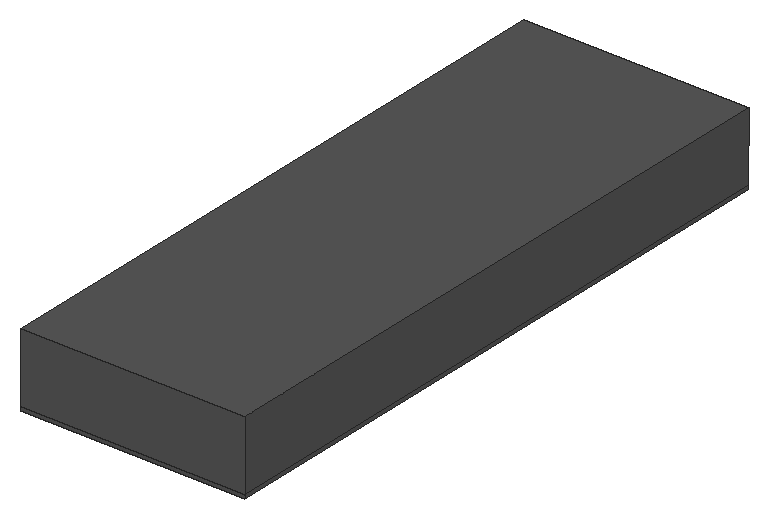
Revit family "ERA_LF_PR_SPP-502", category Осветительные приборы, Revit 2019 (continued)
Definition of nested family "LF_ИС_Пр_SPP-502"
  Types (4, lengths in mm): name | Photometric Web File | built-in parameter 1150105 | Lumens | built-in parameter 1150106 | built-in parameter 1150142 | Wattage
    SPP-502-0-50K-150 | "SPP-502-0-50K-150.ies" | 688.21 (stored number, unit not read) | 13500 lm | 6.8821 (stored number, unit not read) | "IESNA:LM-63-1995\r\n[DATA] 27.01.2020\r\n[MANUFAC]??РА\r\n[LUMCAT] \r\n[LUMINAIRE] SPP-502-0-50K-150\r\n[LAMP] Светодиодный модуль\r\nTILT=NONE\r\n1 13980 13.98 91 37 1 2 0.52 0.17 0.062\r\n1 1 152.82\r\n0 1 2 3 4 5 6 7 8 9 10 11 12 13 14 15 16 17 18 19 20 21 22 23 24 25 26 27 28 29 30 31 32 33 34 35 36 37 38 39 40 41 42 43 44 45 46 47 48 49 50 51 52 53 54 55 56 57 58 59 60 61 62 63 64 65 66 67 68 69 70 71 72 73 74 75 76 77 78 79 80 81 82 83 84 85 86 87 88 89 90 \r\n0 10 20 30 40 50 60 70 80 90 100 110 120 130 140 150 160 170 180 190 200 210 220 230 240 250 260 270 280 290 300 310 320 330 340 350 360 \r\n326.8 327.5 328.4 329.5 330.7 332.2 333.8 335.6 337.7 340.2 342.9 346 349.4 353.2 357.4 362 366.9 372.4 378.4 385.2 392.6 400.5 408.9 417.6 426.3 434.9 443.3 451.8 460.6 469.7 479.2 488.9 499.1 509.9 521.1 532.3 543.1 553.9 565 576.5 587.7 598.1 608.1 618.4 629 639.2 648.4 656.1 662 665.9 668 668.4 666 659.4 647.9 631.4 609.6 582.4 549.4 510.6 465.4 414 358.5 301.2 245 192.8 147.2 109.3 79.8 58.1 42.9 32.7 26.1 21.6 18.3 15.8 13.6 11.7 9.9 8.2 6.8 5.6 4.7 3.8 3 2.3 1.6 1.2 0.8 0.6 0.6\r\n326.8 326.4 326.2 326.1 326.2 326.5 327.3 328.3 329.5 331 332.7 335 337.5 340.1 343 346.3 350.2 354.6 359.1 363.8 368.8 374.3 380.4 387 394.1 401.4 408.9 416.5 424.2 432.2 440.4 449 457.8 466.9 476.1 485.3 494.2 503 511.6 520 528 535.2 541.6 547 551.2 554.2 556.1 556.4 555.2 552 546.4 538.2 527.1 512.7 495.2 474.4 450.4 423.1 392.5 358.5 321.6 281.9 240.6 198.6 157.9 120.8 89.8 65.4 47.9 36.6 29.4 24.4 20.8 18 15.7 13.7 11.9 10.3 9 7.8 6.7 5.7 4.7 3.7 2.8 2 1.5 1.1 0.8 0.8 0.8\r\n326.8 326.1 325.6 325.4 325.5 325.8 326.6 327.7 329.2 331.1 333.2 335.5 338.1 341 344.5 348.3 352.3 356.7 361.4 366.4 371.7 377.1 382.6 388.4 394.6 401.2 408.2 415.1 421.5 427.3 433 438.9 444.9 450.7 456 460.3 463.5 465.7 467.1 467.8 467.6 466.1 463.3 459 453.1 445.4 435.8 424.2 410.6 395 377.7 358.6 337.9 315.7 292.3 268.1 243.6 219 194.8 171.2 148.6 127.3 107.6 89.6 73.6 59.6 47.9 38.7 32.1 27.6 24.6 22.2 20.2 18.4 16.7 15.1 13.6 12.3 11 9.9 8.8 7.8 6.7 5.7 4.6 3.7 2.8 2.1 1.5 1 0.6\r\n326.8 325.5 324.8 324.9 325.6 326.9 328.7 330.8 333 335.4 338.1 341.2 344.6 348.4 352.5 356.8 361.2 365.8 370.4 375.1 379.8 384.4 388.9 393.1 397.2 401.4 405.6 409.4 412.3 414.2 415.5 416.8 417.2 416.3 413.9 410.6 407 402.2 395.4 386.5 376.2 365.2 353.3 340.4 326.3 310.9 294.2 276.5 257.8 238.6 219.1 199.9 181 162.6 145.1 128.5 113 98.9 86.2 75.1 65.4 57 49.9 43.9 39.1 35.1 31.7 28.9 26.3 24.1 22.1 20.4 18.9 17.6 16.4 15.1 13.9 12.6 11.2 9.8 8.6 7.5 6.5 5.7 4.9 4.1 3.2 2.3 1.5 1 0.6\r\n326.8 326.2 326.2 326.8 327.9 329.3 331.1 333.1 335.3 337.9 341.2 345.4 350 354.3 358.1 362 366.3 370.7 374.9 378.8 382.4 385.6 388.5 391.1 393.1 394.6 395.4 395.5 394.9 393.4 390.9 387.4 382.9 377.3 370.8 363 353.9 343.7 332.7 320.8 308 294.3 279.8 264.4 248.5 232.4 216.2 200 183.7 167.5 151.6 136.2 121.7 108.2 96.1 85.1 75.5 67.1 60 54.1 49.2 45.2 41.7 38.6 35.8 33.3 31.1 29.2 27.7 26.3 24.9 23.2 21.3 19.6 18.1 16.7 15.1 13.5 11.8 10.2 8.8 7.8 7 6.1 5 3.9 2.8 2 1.4 1 0.8\r\n326.8 327 327.9 329.5 331.9 334.7 337.8 341.2 344.6 348.1 351.7 355.6 359.5 363.5 367.2 370.8 374.1 377 379.5 381.4 382.7 383.4 383.5 382.7 381.1 378.6 375.2 370.8 365.4 359.1 351.7 343.5 334.3 324.2 313.4 301.7 289.2 276 262.1 247.7 233.3 219 204.7 190.1 175.3 160.8 146.9 133.6 121 109.1 98.2 88.4 79.8 72.3 65.6 59.9 55.2 51.1 47.2 43.6 40.3 37.4 35 32.9 31.1 29.5 28.1 26.8 25.6 24.5 23.4 22.3 21.3 20.2 19.1 17.9 16.6 15.3 13.9 12.4 10.8 9.1 7.4 5.6 4.1 2.8 1.9 1.3 0.9 0.6 0.4\r\n326.8 328 329.7 331.9 334.7 337.8 341.2 344.7 348.2 351.8 355.4 359.2 363 366.7 370.1 373 375.2 376.8 377.9 378.4 378.2 377.1 375.2 372.5 369.2 365 360 354 347 339.3 330.7 321.4 311.4 300.6 289.2 277.3 265 252.3 239.1 225.3 211.2 196.8 182.4 168.1 154 140.4 127.4 115.1 103.8 93.6 84.5 76.5 69.6 63.6 58.5 53.9 49.6 45.7 42.2 39.2 36.6 34.4 32.5 30.8 29.4 28.2 27.1 26.2 25.4 24.6 23.8 23 22 21.1 20.1 19.1 18 16.8 15.5 14 12.3 10.4 8.4 6.6 5.1 3.7 2.5 1.5 0.9 0.5 0.4\r\n326.8 328.5 330.9 334.1 337.8 341.7 345.4 349.2 353.2 357.6 361.8 365.7 369.1 372 374.4 376.2 377.2 377.5 377 375.7 373.5 370.6 366.8 362 356.2 349.5 342 333.7 324.6 314.9 304.6 293.7 282.3 270.3 258 245.3 232.2 218.9 205.5 192.2 178.8 165.6 152.5 139.9 127.9 116.5 105.9 96.2 87.5 79.7 72.9 66.9 61.6 56.7 52.3 48.3 44.7 41.5 38.7 36.2 34.1 32.2 30.6 29.2 27.8 26.5 25.4 24.2 23 21.8 20.4 18.9 17.6 16.8 16.8 17.6 19.1 19.9 18.6 15.2 11.5 9 7.5 6.4 5.4 4.3 3.2 2.2 1.3 0.8 0.5\r\n326.8 328.5 330.9 334 337.7 341.6 345.7 349.8 354.1 358.4 362.7 366.8 370.5 373.4 375.5 376.9 377.6 377.6 376.7 374.7 371.9 368.2 363.6 357.9 351.1 343.5 335.1 325.9 316.1 305.5 294.3 282.6 270.5 257.8 244.7 231.3 217.7 204 190.3 176.9 163.7 150.8 138.4 126.4 115 104.4 94.8 86.3 78.7 71.9 65.9 60.5 55.8 51.4 47.4 43.8 40.8 38.3 36 33.9 32.1 30.6 29.2 27.8 26.3 24.8 23.3 21.7 20.2 18.8 17.7 17 16.5 16.1 15.6 15.1 14.5 13.8 13 12 10.8 9.5 8.2 7 5.8 4.6 3.3 2.2 1.4 0.8 0.6\r\n326.8 327.7 330 333.7 338.4 343.4 348.2 352.8 357.2 361.5 365.8 370 373.8 376.8 378.8 380 380.5 380 378.8 376.5 373.3 369 363.6 357.4 350.2 342.2 333.4 323.9 313.6 302.5 290.9 278.7 266 252.8 239.2 225.5 211.9 198.3 184.8 171.3 158.1 145.2 132.7 120.9 110 99.9 90.7 82.5 75.1 68.5 62.7 57.7 53.3 49.3 45.6 42.4 39.6 37.2 35.1 33.3 31.7 30.2 28.7 27.3 25.8 24.3 22.8 21.4 20.2 19.4 18.9 18.7 18.4 17.9 16.9 15.7 14.6 13.5 12.4 11.2 10 8.7 7.5 6.2 5 3.9 2.8 1.9 1.3 0.8 0.6\r\n326.8 326.6 327.1 328.3 330.3 333.1 336.5 340.3 344.2 348.1 352 356 360 363.8 367.2 370 372.3 373.8 374.4 374.1 372.9 370.8 367.8 363.8 358.8 352.8 345.9 337.9 328.9 318.9 307.9 295.8 282.9 269.2 255 240.3 225.3 210.1 194.8 179.5 164.6 150.4 137.2 125.1 114.2 104.2 94.8 86.3 78.8 72.2 66.4 61 56 51.5 47.3 43.6 40.2 37.2 34.6 32.4 30.5 28.7 27.1 25.4 23.6 21.8 20 18.3 16.8 15.6 14.7 13.9 13.2 12.6 12.2 11.8 11.4 10.9 10.3 9.5 8.4 7.1 5.7 4.1 2.6 1.4 0.7 0.3 0.1 0.1 0.2\r\n326.8 327 327.8 329.2 331.3 334.1 337.5 341.4 345.6 349.9 354.3 358.6 362.8 367 370.9 374.4 377.4 379.7 381.3 382.2 382.3 381.5 379.7 376.9 373 368.1 362.1 355 346.9 337.7 327.3 315.6 303 289.6 275.5 261 246 230.6 214.6 198.4 182.6 167.7 153.7 140.3 127.6 116 105.6 96.3 88 80.5 73.7 67.6 62 57 52.6 48.5 44.8 41.4 38.4 35.8 33.6 31.7 30.2 28.8 27.5 26.3 25.2 24 22.8 21.5 20.1 18.9 17.7 16.5 15.3 14.1 13 11.9 10.8 9.7 8.6 7.4 6 4.6 3.1 1.9 1 0.5 0.2 0.1 0.2\r\n326.8 327.2 328.3 330 332.3 335.2 338.5 342.2 346.4 350.9 355.5 360.2 364.9 369.4 373.8 377.9 382 385.7 388.9 391.4 392.8 392.9 392.1 391 389.3 386.6 382.2 376.5 369.9 362.4 353.8 343.8 332.6 320.5 307.6 293.7 278.6 262.9 247 231 214.8 198.2 181.7 166.2 151.7 138.3 125.6 113.9 103.3 93.8 85.5 78.2 71.7 65.7 60.3 55.3 50.9 47 43.6 40.5 37.7 35.3 33.2 31.5 30.2 29 27.9 27 26.1 25.2 24.4 23.6 22.8 22.1 21.2 20.2 18.9 17.4 15.7 13.8 11.7 9.4 7 4.9 3.2 2 1.1 0.6 0.3 0.2 0.3\r\n326.8 328 329.6 331.7 334.2 337.2 340.7 344.6 349 354 359.3 365 370.5 375.5 380.1 384.8 390.2 395.5 400 403.5 406.1 408 409.4 410.3 410.7 410.1 408.2 405 400.4 394.5 387.2 378.5 368.6 357.4 345 331.4 316.9 301.5 285.2 268.2 250.7 233 215.4 198 181 164.7 149.1 134.4 120.9 108.7 97.8 88.1 79.6 72.2 65.8 60.1 55 50.5 46.3 42.6 39.2 36.2 33.6 31.3 29.2 27.5 26.1 24.8 23.7 22.7 21.6 20.5 19.3 18.1 16.9 15.6 14.2 12.8 11.2 9.6 7.9 6.1 4.5 3.1 2.1 1.3 0.8 0.5 0.3 0.2 0.2\r\n326.8 327.8 329.2 330.8 332.8 335.2 338.1 341.6 345.6 350.3 355.2 360.2 365.5 371.1 377.1 383.4 389.8 396.2 402.5 408.7 414.4 419.8 424.7 429.2 433.2 436.6 439.2 440.9 441.8 441.6 440.3 437.8 434 428.8 422.2 414.1 404.4 393.1 380.2 365.8 350 332.8 314.5 295.2 275.3 254.9 234.3 213.8 193.7 174.4 156 138.6 122.5 108.1 95.3 84.2 74.7 66.6 59.5 53.4 48.1 43.6 39.7 36.4 33.5 31.1 28.9 27 25.3 23.6 22 20.5 19.1 17.6 16 14.3 12.3 10.5 9.1 8 7.1 6 4.7 3.5 2.5 1.7 1.2 0.9 0.7 0.6 0.6\r\n326.8 328.1 329.7 331.8 334.3 337.2 340.5 344.1 347.9 351.9 356.5 361.8 367.6 373.8 380.3 387.1 394.3 401.7 409.4 417.2 425 432.8 440.3 447.7 454.6 461.2 467.4 473 478.1 482.6 486.4 489.5 491.6 492.8 492.5 490.3 485.8 479.5 472.1 463.4 452.5 438.9 423.1 406.1 387.8 367.5 344.7 320.4 295.6 271 245.9 220.2 194.9 171.2 149.6 129.8 111.8 95.7 81.6 69.8 59.8 51.6 44.9 39.2 34.3 30.3 27.1 24.5 22.4 20.5 18.9 17.4 16 14.6 13.2 11.9 10.5 9.2 8.1 7.2 6.4 5.6 4.7 3.5 2.3 1.2 0.7 0.4 0.4 0.4 0.4\r\n326.8 327.6 328.9 330.6 332.8 335 337.4 340.4 344.7 350.4 356.8 363.3 369.7 375.6 381.3 387.2 393.7 400.7 407.7 414.9 422.5 430.7 439.7 449.1 458.9 468.4 477.5 486.4 495.4 504.6 513.6 522.4 530.8 538.7 546.2 553.1 559.4 564.7 568.6 570.9 571.7 571 568.7 564.4 558.1 549.5 538.5 524.9 508.6 489.5 467.5 442.5 414.6 384 351.4 317.5 283.2 248.9 215 182 150.5 121.3 95.6 74.7 58.8 47.5 40 35 31 27.5 24.3 21.4 18.9 16.7 14.7 13 11.4 10 8.5 7.1 5.7 4.5 3.5 2.5 1.7 1 0.6 0.4 0.3 0.3 0.4\r\n326.8 327.5 328.7 330.4 332.5 334.4 336 338.4 342.9 349.3 355.7 360.8 365.3 370.3 376 382 388.2 395.1 403.4 413 422.9 432.4 441.7 451.5 461.9 472.2 482.2 491.8 501.4 511.1 520.9 531.2 541.7 552.3 563 573.5 583.7 593.6 603.1 612.3 621.1 629.3 636.8 643.7 649.6 654.2 657.1 658 656.2 651.3 642.8 630.5 614.2 593.9 569.6 541.3 508.8 472.2 431.4 386.9 339.7 291.2 243.4 198.3 157.9 123.4 95.8 74.6 59 47.7 39.2 32.4 26.7 22.1 18.3 15.3 12.8 10.8 9.2 7.8 6.6 5.5 4.5 3.5 2.6 1.9 1.2 0.8 0.5 0.3 0.4\r\n326.8 327.5 328.4 329.5 330.7 332.2 333.8 335.6 337.7 340.2 342.9 346 349.4 353.2 357.4 362 366.9 372.4 378.4 385.2 392.6 400.5 408.9 417.6 426.3 434.9 443.3 451.8 460.6 469.7 479.2 488.9 499.1 509.9 521.1 532.3 543.1 553.9 565 576.5 587.7 598.1 608.1 618.4 629 639.2 648.4 656.1 662 665.9 668 668.4 666 659.4 647.9 631.4 609.6 582.4 549.4 510.6 465.4 414 358.5 301.2 245 192.8 147.2 109.3 79.8 58.1 42.9 32.7 26.1 21.6 18.3 15.8 13.6 11.7 9.9 8.2 6.8 5.6 4.7 3.8 3 2.3 1.6 1.2 0.8 0.6 0.6\r\n326.8 327.5 328.7 330.4 332.5 334.4 336 338.4 342.9 349.3 355.7 360.8 365.3 370.3 376 382 388.2 395.1 403.4 413 422.9 432.4 441.7 451.5 461.9 472.2 482.2 491.8 501.4 511.1 520.9 531.2 541.7 552.3 563 573.5 583.7 593.6 603.1 612.3 621.1 629.3 636.8 643.7 649.6 654.2 657.1 658 656.2 651.3 642.8 630.5 614.2 593.9 569.6 541.3 508.8 472.2 431.4 386.9 339.7 291.2 243.4 198.3 157.9 123.4 95.8 74.6 59 47.7 39.2 32.4 26.7 22.1 18.3 15.3 12.8 10.8 9.2 7.8 6.6 5.5 4.5 3.5 2.6 1.9 1.2 0.8 0.5 0.3 0.4\r\n326.8 327.6 328.9 330.6 332.8 335 337.4 340.4 344.7 350.4 356.8 363.3 369.7 375.6 381.3 387.2 393.7 400.7 407.7 414.9 422.5 430.7 439.7 449.1 458.9 468.4 477.5 486.4 495.4 504.6 513.6 522.4 530.8 538.7 546.2 553.1 559.4 564.7 568.6 570.9 571.7 571 568.7 564.4 558.1 549.5 538.5 524.9 508.6 489.5 467.5 442.5 414.6 384 351.4 317.5 283.2 248.9 215 182 150.5 121.3 95.6 74.7 58.8 47.5 40 35 31 27.5 24.3 21.4 18.9 16.7 14.7 13 11.4 10 8.5 7.1 5.7 4.5 3.5 2.5 1.7 1 0.6 0.4 0.3 0.3 0.4\r\n326.8 328.1 329.7 331.8 334.3 337.2 340.5 344.1 347.9 351.9 356.5 361.8 367.6 373.8 380.3 387.1 394.3 401.7 409.4 417.2 425 432.8 440.3 447.7 454.6 461.2 467.4 473 478.1 482.6 486.4 489.5 491.6 492.8 492.5 490.3 485.8 479.5 472.1 463.4 452.5 438.9 423.1 406.1 387.8 367.5 344.7 320.4 295.6 271 245.9 220.2 194.9 171.2 149.6 129.8 111.8 95.7 81.6 69.8 59.8 51.6 44.9 39.2 34.3 30.3 27.1 24.5 22.4 20.5 18.9 17.4 16 14.6 13.2 11.9 10.5 9.2 8.1 7.2 6.4 5.6 4.7 3.5 2.3 1.2 0.7 0.4 0.4 0.4 0.4\r\n326.8 327.8 329.2 330.8 332.8 335.2 338.1 341.6 345.6 350.3 355.2 360.2 365.5 371.1 377.1 383.4 389.8 396.2 402.5 408.7 414.4 419.8 424.7 429.2 433.2 436.6 439.2 440.9 441.8 441.6 440.3 437.8 434 428.8 422.2 414.1 404.4 393.1 380.2 365.8 350 332.8 314.5 295.2 275.3 254.9 234.3 213.8 193.7 174.4 156 138.6 122.5 108.1 95.3 84.2 74.7 66.6 59.5 53.4 48.1 43.6 39.7 36.4 33.5 31.1 28.9 27 25.3 23.6 22 20.5 19.1 17.6 16 14.3 12.3 10.5 9.1 8 7.1 6 4.7 3.5 2.5 1.7 1.2 0.9 0.7 0.6 0.6\r\n326.8 328 329.6 331.7 334.2 337.2 340.7 344.6 349 354 359.3 365 370.5 375.5 380.1 384.8 390.2 395.5 400 403.5 406.1 408 409.4 410.3 410.7 410.1 408.2 405 400.4 394.5 387.2 378.5 368.6 357.4 345 331.4 316.9 301.5 285.2 268.2 250.7 233 215.4 198 181 164.7 149.1 134.4 120.9 108.7 97.8 88.1 79.6 72.2 65.8 60.1 55 50.5 46.3 42.6 39.2 36.2 33.6 31.3 29.2 27.5 26.1 24.8 23.7 22.7 21.6 20.5 19.3 18.1 16.9 15.6 14.2 12.8 11.2 9.6 7.9 6.1 4.5 3.1 2.1 1.3 0.8 0.5 0.3 0.2 0.2\r\n326.8 327.2 328.3 330 332.3 335.2 338.5 342.2 346.4 350.9 355.5 360.2 364.9 369.4 373.8 377.9 382 385.7 388.9 391.4 392.8 392.9 392.1 391 389.3 386.6 382.2 376.5 369.9 362.4 353.8 343.8 332.6 320.5 307.6 293.7 278.6 262.9 247 231 214.8 198.2 181.7 166.2 151.7 138.3 125.6 113.9 103.3 93.8 85.5 78.2 71.7 65.7 60.3 55.3 50.9 47 43.6 40.5 37.7 35.3 33.2 31.5 30.2 29 27.9 27 26.1 25.2 24.4 23.6 22.8 22.1 21.2 20.2 18.9 17.4 15.7 13.8 11.7 9.4 7 4.9 3.2 2 1.1 0.6 0.3 0.2 0.3\r\n326.8 327 327.8 329.2 331.3 334.1 337.5 341.4 345.6 349.9 354.3 358.6 362.8 367 370.9 374.4 377.4 379.7 381.3 382.2 382.3 381.5 379.7 376.9 373 368.1 362.1 355 346.9 337.7 327.3 315.6 303 289.6 275.5 261 246 230.6 214.6 198.4 182.6 167.7 153.7 140.3 127.6 116 105.6 96.3 88 80.5 73.7 67.6 62 57 52.6 48.5 44.8 41.4 38.4 35.8 33.6 31.7 30.2 28.8 27.5 26.3 25.2 24 22.8 21.5 20.1 18.9 17.7 16.5 15.3 14.1 13 11.9 10.8 9.7 8.6 7.4 6 4.6 3.1 1.9 1 0.5 0.2 0.1 0.2\r\n326.8 326.6 327.1 328.3 330.3 333.1 336.5 340.3 344.2 348.1 352 356 360 363.8 367.2 370 372.3 373.8 374.4 374.1 372.9 370.8 367.8 363.8 358.8 352.8 345.9 337.9 328.9 318.9 307.9 295.8 282.9 269.2 255 240.3 225.3 210.1 194.8 179.5 164.6 150.4 137.2 125.1 114.2 104.2 94.8 86.3 78.8 72.2 66.4 61 56 51.5 47.3 43.6 40.2 37.2 34.6 32.4 30.5 28.7 27.1 25.4 23.6 21.8 20 18.3 16.8 15.6 14.7 13.9 13.2 12.6 12.2 11.8 11.4 10.9 10.3 9.5 8.4 7.1 5.7 4.1 2.6 1.4 0.7 0.3 0.1 0.1 0.2\r\n326.8 327.1 327.7 328.7 330.1 332 334.6 337.9 341.6 345.7 349.6 353.2 356.7 360.2 363.8 366.8 368.9 370.1 370.5 370.1 368.9 366.9 364 360 355.1 349.2 342.3 334.4 325.5 315.7 304.9 293 280.2 266.6 252.3 237.4 222 206.3 190.6 175.1 160.3 146.3 133.3 121.2 110.1 99.9 90.7 82.4 75.1 68.8 63.1 58 53.2 48.9 44.9 41.3 38.2 35.4 33 30.8 28.8 27.1 25.4 23.7 21.9 20.2 18.6 17.5 16.8 16.4 16.2 15.8 15 14 12.9 11.7 10.6 9.6 8.7 7.9 7 6 4.8 3.5 2.2 1.2 0.6 0.3 0.2 0.1 0.2\r\n326.8 328.5 330.9 334 337.7 341.6 345.7 349.8 354.1 358.4 362.7 366.8 370.5 373.4 375.5 376.9 377.6 377.6 376.7 374.7 371.9 368.2 363.6 357.9 351.1 343.5 335.1 325.9 316.1 305.5 294.3 282.6 270.5 257.8 244.7 231.3 217.7 204 190.3 176.9 163.7 150.8 138.4 126.4 115 104.4 94.8 86.3 78.7 71.9 65.9 60.5 55.8 51.4 47.4 43.8 40.8 38.3 36 33.9 32.1 30.6 29.2 27.8 26.3 24.8 23.3 21.7 20.2 18.8 17.7 17 16.5 16.1 15.6 15.1 14.5 13.8 13 12 10.8 9.5 8.2 7 5.8 4.6 3.3 2.2 1.4 0.8 0.6\r\n326.8 328.5 330.9 334.1 337.8 341.7 345.4 349.2 353.2 357.6 361.8 365.7 369.1 372 374.4 376.2 377.2 377.5 377 375.7 373.5 370.6 366.8 362 356.2 349.5 342 333.7 324.6 314.9 304.6 293.7 282.3 270.3 258 245.3 232.2 218.9 205.5 192.2 178.8 165.6 152.5 139.9 127.9 116.5 105.9 96.2 87.5 79.7 72.9 66.9 61.6 56.7 52.3 48.3 44.7 41.5 38.7 36.2 34.1 32.2 30.6 29.2 27.8 26.5 25.4 24.2 23 21.8 20.4 18.9 17.6 16.8 16.8 17.6 19.1 19.9 18.6 15.2 11.5 9 7.5 6.4 5.4 4.3 3.2 2.2 1.3 0.8 0.5\r\n326.8 328 329.7 331.9 334.7 337.8 341.2 344.7 348.2 351.8 355.4 359.2 363 366.7 370.1 373 375.2 376.8 377.9 378.4 378.2 377.1 375.2 372.5 369.2 365 360 354 347 339.3 330.7 321.4 311.4 300.6 289.2 277.3 265 252.3 239.1 225.3 211.2 196.8 182.4 168.1 154 140.4 127.4 115.1 103.8 93.6 84.5 76.5 69.6 63.6 58.5 53.9 49.6 45.7 42.2 39.2 36.6 34.4 32.5 30.8 29.4 28.2 27.1 26.2 25.4 24.6 23.8 23 22 21.1 20.1 19.1 18 16.8 15.5 14 12.3 10.4 8.4 6.6 5.1 3.7 2.5 1.5 0.9 0.5 0.4\r\n326.8 327 327.9 329.5 331.9 334.7 337.8 341.2 344.6 348.1 351.7 355.6 359.5 363.5 367.2 370.8 374.1 377 379.5 381.4 382.7 383.4 383.5 382.7 381.1 378.6 375.2 370.8 365.4 359.1 351.7 343.5 334.3 324.2 313.4 301.7 289.2 276 262.1 247.7 233.3 219 204.7 190.1 175.3 160.8 14
      6.9 133.6 121 109.1 98.2 88.4 79.8 72.3 65.6 59.9 55.2 51.1 47.2 43.6 40.3 37.4 35 32.9 31.1 29.5 28.1 26.8 25.6 24.5 23.4 22.3 21.3 20.2 19.1 17.9 16.6 15.3 13.9 12.4 10.8 9.1 7.4 5.6 4.1 2.8 1.9 1.3 0.9 0.6 0.4\r\n326.8 326.2 326.2 326.8 327.9 329.3 331.1 333.1 335.3 337.9 341.2 345.4 350 354.3 358.1 362 366.3 370.7 374.9 378.8 382.4 385.6 388.5 391.1 393.1 394.6 395.4 395.5 394.9 393.4 390.9 387.4 382.9 377.3 370.8 363 353.9 343.7 332.7 320.8 308 294.3 279.8 264.4 248.5 232.4 216.2 200 183.7 167.5 151.6 136.2 121.7 108.2 96.1 85.1 75.5 67.1 60 54.1 49.2 45.2 41.7 38.6 35.8 33.3 31.1 29.2 27.7 26.3 24.9 23.2 21.3 19.6 18.1 16.7 15.1 13.5 11.8 10.2 8.8 7.8 7 6.1 5 3.9 2.8 2 1.4 1 0.8\r\n326.8 325.5 324.8 324.9 325.6 326.9 328.7 330.8 333 335.4 338.1 341.2 344.6 348.4 352.5 356.8 361.2 365.8 370.4 375.1 379.8 384.4 388.9 393.1 397.2 401.4 405.6 409.4 412.3 414.2 415.5 416.8 417.2 416.3 413.9 410.6 407 402.2 395.4 386.5 376.2 365.2 353.3 340.4 326.3 310.9 294.2 276.5 257.8 238.6 219.1 199.9 181 162.6 145.1 128.5 113 98.9 86.2 75.1 65.4 57 49.9 43.9 39.1 35.1 31.7 28.9 26.3 24.1 22.1 20.4 18.9 17.6 16.4 15.1 13.9 12.6 11.2 9.8 8.6 7.5 6.5 5.7 4.9 4.1 3.2 2.3 1.5 1 0.6\r\n326.8 326.1 325.6 325.4 325.5 325.8 326.6 327.7 329.2 331.1 333.2 335.5 338.1 341 344.5 348.3 352.3 356.7 361.4 366.4 371.7 377.1 382.6 388.4 394.6 401.2 408.2 415.1 421.5 427.3 433 438.9 444.9 450.7 456 460.3 463.5 465.7 467.1 467.8 467.6 466.1 463.3 459 453.1 445.4 435.8 424.2 410.6 395 377.7 358.6 337.9 315.7 292.3 268.1 243.6 219 194.8 171.2 148.6 127.3 107.6 89.6 73.6 59.6 47.9 38.7 32.1 27.6 24.6 22.2 20.2 18.4 16.7 15.1 13.6 12.3 11 9.9 8.8 7.8 6.7 5.7 4.6 3.7 2.8 2.1 1.5 1 0.6\r\n326.8 326.4 326.2 326.1 326.2 326.5 327.3 328.3 329.5 331 332.7 335 337.5 340.1 343 346.3 350.2 354.6 359.1 363.8 368.8 374.3 380.4 387 394.1 401.4 408.9 416.5 424.2 432.2 440.4 449 457.8 466.9 476.1 485.3 494.2 503 511.6 520 528 535.2 541.6 547 551.2 554.2 556.1 556.4 555.2 552 546.4 538.2 527.1 512.7 495.2 474.4 450.4 423.1 392.5 358.5 321.6 281.9 240.6 198.6 157.9 120.8 89.8 65.4 47.9 36.6 29.4 24.4 20.8 18 15.7 13.7 11.9 10.3 9 7.8 6.7 5.7 4.7 3.7 2.8 2 1.5 1.1 0.8 0.8 0.8\r\n326.8 327.5 328.4 329.5 330.7 332.2 333.8 335.6 337.7 340.2 342.9 346 349.4 353.2 357.4 362 366.9 372.4 378.4 385.2 392.6 400.5 408.9 417.6 426.3 434.9 443.3 451.8 460.6 469.7 479.2 488.9 499.1 509.9 521.1 532.3 543.1 553.9 565 576.5 587.7 598.1 608.1 618.4 629 639.2 648.4 656.1 662 665.9 668 668.4 666 659.4 647.9 631.4 609.6 582.4 549.4 510.6 465.4 414 358.5 301.2 245 192.8 147.2 109.3 79.8 58.1 42.9 32.7 26.1 21.6 18.3 15.8 13.6 11.7 9.9 8.2 6.8 5.6 4.7 3.8 3 2.3 1.6 1.2 0.8 0.6 0.6\r\n" | 90.8834 W
  Reference planes
    plane 1 "По центру (Вперед/Назад)": y = 0
    plane 2: z = 0
    plane 3 "По центру (Влево/Вправо)": x = 0
    plane 4 "Ц": y = 225
  Lines and regions (mm)
    model lines
      curve 1: line (0, -5, 0) -> (0, 5, 0)
      curve 2: line (-5, 0, 0) -> (5, 0, 0)
  Dimensions and locks
    "Корпус_Центр": plane 1 "По центру (Вперед/Назад)" to plane 4 "Ц"
    aligned and locked: level to plane 2
    aligned and locked: imposter light to plane 3 "По центру (Влево/Вправо)"
    aligned and locked: plane 4 "Ц" to imposter light
  Automatic sketch dimensions
    plane 1 "По центру (Вперед/Назад)" to curve 2 = 0.00 mm
    curve 1 to plane 3 "По центру (Влево/Вправо)" = 0.00 mm
    curve 2 to plane 3 "По центру (Влево/Вправо)" = 5.00 mm
    plane 3 "По центру (Влево/Вправо)" to curve 2 = 5.00 mm
    plane 1 "По центру (Вперед/Назад)" to curve 1 = 5.00 mm
    curve 1 to plane 1 "По центру (Вперед/Назад)" = 5.00 mm
Types (4, lengths in mm): name | _Корпус_Центр | ИС | _УГО_Ширина | _УГО_Длина | _УГО_Диаметр | _Корпус_Ширина | _Корпус_Длина | _Корпус_Высота | URL | ADSK_Размер_Ширина | ADSK_Размер_Длина | ADSK_Полная мощность | ADSK_Номинальная мощность | ADSK_Масса | ADSK_Марка | ADSK_Размер_Высота | ADSK_Обозначение | ADSK_Наименование
  SPP-502-0-50K-150, LED, IP65, 570х170х52 мм (ДхШхВ), 150 Вт, 5000 К, 13500 лм, класс защиты I, в комплекте (импульсный ac/dc драйвер с гальванической развязкой) | 285.00 | LF_ИС_Пр_SPP-502 : SPP-502-0-50K-150 | 1.70 | 5.70 | 5.70 | 170.00 | 570.00 | 52.00 | "https://www.eraworld.ru/catalog/2649068" | 170.00 | 570.00 | 166.667 VA | 150 W | 2.17 | "SPP-502-0-50K-150" | 52.00 | "SPP-502-0-50K-150" | "Светильник, LED, прямоугольный, уличный, IP65, 570х170х52 мм (ДхШхВ), 150 Вт, 5000 К, 13500 лм, класс защиты I, в комплекте (импульсный ac/dc драйвер с гальванической развязкой)"
  SPP-502-0-50K-120, LED, IP65, 570х170х52 мм (ДхШхВ), 120 Вт, 5000 К, 10800 лм, класс защиты I, в комплекте (импульсный ac/dc драйвер с гальванической развязкой) | 285.00 | LF_ИС_Пр_SPP-502 : SPP-502-0-50K-120 | 1.70 | 5.70 | 5.70 | 170.00 | 570.00 | 52.00 | "https://www.eraworld.ru/catalog/2649067" | 170.00 | 570.00 | 133.333 VA | 120 W | 2.17 | "SPP-502-0-50K-120" | 52.00 | "SPP-502-0-50K-120" | "Светильник, LED, прямоугольный, уличный, IP65, 570х170х52 мм (ДхШхВ), 120 Вт, 5000 К, 10800 лм, класс защиты I, в комплекте (импульсный ac/dc драйвер с гальванической развязкой)"
  SPP-502-0-50K-100, LED, IP65, 450х160х50 мм (ДхШхВ), 100 Вт, 5000 К, 9500 лм, класс защиты I, в комплекте (импульсный ac/dc драйвер с гальванической развязкой) | 225.00 | LF_ИС_Пр_SPP-502 : SPP-502-0-50K-100 | 1.60 | 4.50 | 4.50 | 160.00 | 450.00 | 50.00 | "https://www.eraworld.ru/catalog/2649066" | 160.00 | 450.00 | 111.111 VA | 100 W | 1.7 | "SPP-502-0-50K-100" | 50.00 | "SPP-502-0-50K-100" | "Светильник, LED, прямоугольный, уличный, IP65, 450х160х50 мм (ДхШхВ), 100 Вт, 5000 К, 9500 лм, класс защиты I, в комплекте (импульсный ac/dc драйвер с гальванической развязкой)"
  SPP-502-0-50K-080, LED, IP65, 450х160х50 мм (ДхШхВ), 80 Вт, 5000 К, 8000 лм, класс защиты I, в комплекте (импульсный ac/dc драйвер с гальванической развязкой) | 225.00 | LF_ИС_Пр_SPP-502 : SPP-502-0-50K-080 | 1.60 | 4.50 | 4.50 | 160.00 | 450.00 | 50.00 | "https://www.eraworld.ru/catalog/2649065" | 160.00 | 450.00 | 88.8889 VA | 80 W | 1.42 | "SPP-502-0-50K-080" | 50.00 | "SPP-502-0-50K-080" | "Светильник, LED, прямоугольный, уличный, IP65, 450х160х50 мм (ДхШхВ), 80 Вт, 5000 К, 8000 лм, класс защиты I, в комплекте (импульсный ac/dc драйвер с гальванической развязкой)"
